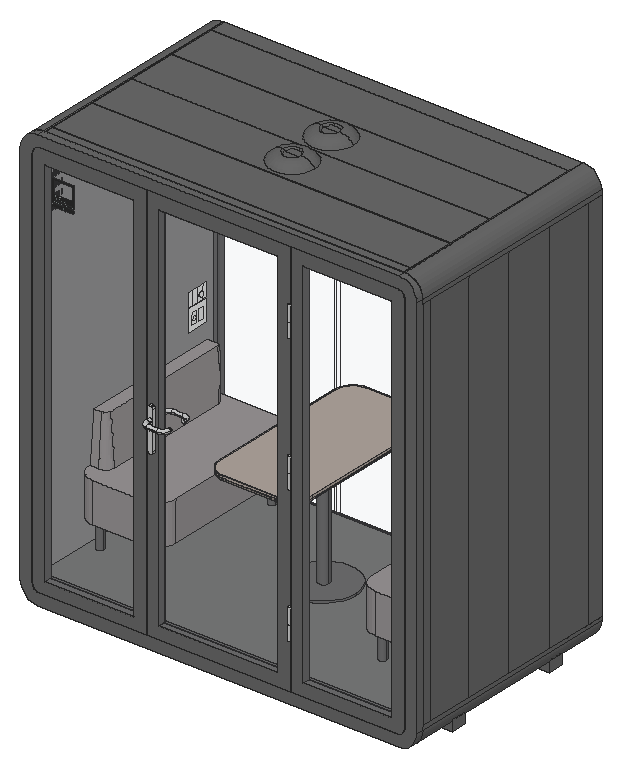
Revit family "MOTTO ML - black", category Entorno, Revit 2023 (continued)
Definition of nested family "Motto ML"
  Dimensions and locks
    Extrusion 61 sketch curve to Extrusion 61 sketch curve = 67 mm
    Extrusion 61 sketch curve to Extrusion 61 sketch curve = 275.173 mm
    Extrusion 62 sketch curve to Extrusion 62 sketch curve = 67 mm
    Extrusion 62 sketch curve to Extrusion 62 sketch curve = 276.319 mm
    Extrusion 86 sketch curve to Extrusion 86 sketch curve = 67 mm
    Extrusion 86 sketch curve to Extrusion 86 sketch curve = 275.173 mm
    Extrusion 88 sketch curve to Extrusion 88 sketch curve = 67 mm
    Extrusion 88 sketch curve to Extrusion 88 sketch curve = 275.173 mm
    Extrusion 89 sketch curve to Extrusion 89 sketch curve = 67 mm
    Extrusion 89 sketch curve to Extrusion 89 sketch curve = 89.363 mm
    Extrusion 90 sketch curve to Extrusion 90 sketch curve = 67 mm
    Extrusion 90 sketch curve to Extrusion 90 sketch curve = 50 mm
    Extrusion 93 sketch curve to Extrusion 93 sketch curve = 67 mm
    Extrusion 93 sketch curve to Extrusion 93 sketch curve = 89.363 mm
    Extrusion 94 sketch curve to Extrusion 94 sketch curve = 67 mm
    Extrusion 94 sketch curve to Extrusion 94 sketch curve = 50 mm
    Extrusion 102 sketch curve to Extrusion 102 sketch curve = 67 mm
    Extrusion 102 sketch curve to Extrusion 102 sketch curve = 275.173 mm
    Extrusion 103 sketch curve to Extrusion 103 sketch curve = 67 mm
    Extrusion 103 sketch curve to Extrusion 103 sketch curve = 275.173 mm
    Extrusion 104 sketch curve to Extrusion 104 sketch curve = 67 mm
    Extrusion 104 sketch curve to Extrusion 104 sketch curve = 276.319 mm
    Extrusion 105 sketch curve to Extrusion 105 sketch curve = 67 mm
    Extrusion 105 sketch curve to Extrusion 105 sketch curve = 275.173 mm
    Extrusion 106 sketch curve to Extrusion 106 sketch curve = 67 mm
    Extrusion 106 sketch curve to Extrusion 106 sketch curve = 275.173 mm
    Extrusion 107 sketch curve to Extrusion 107 sketch curve = 67 mm
    Extrusion 107 sketch curve to Extrusion 107 sketch curve = 276.319 mm
    Extrusion 120 sketch curve to Extrusion 120 sketch curve = 648.057 mm
    Extrusion 120 sketch curve to Extrusion 120 sketch curve = 40 mm
    Extrusion 121 sketch curve to Extrusion 121 sketch curve = 693.885 mm
    Extrusion 121 sketch curve to Extrusion 121 sketch curve = 40 mm
    Extrusion 122 sketch curve to Extrusion 122 sketch curve = 648.057 mm
    Extrusion 122 sketch curve to Extrusion 122 sketch curve = 25 mm
    Extrusion 123 sketch curve to Extrusion 123 sketch curve = 648.057 mm
    Extrusion 123 sketch curve to Extrusion 123 sketch curve = 40 mm
    Extrusion 124 sketch curve to Extrusion 124 sketch curve = 693.885 mm
    Extrusion 124 sketch curve to Extrusion 124 sketch curve = 40 mm
    Extrusion 125 sketch curve to Extrusion 125 sketch curve = 648.057 mm
    Extrusion 125 sketch curve to Extrusion 125 sketch curve = 25 mm
    aligned and locked: level to plane 2
    aligned and locked: Extrusion 80 sketch curve to Extrusion 80 sketch curve
  Automatic sketch dimensions
    Revolve 1 sketch curve to plane 3 "Center (Left/Right)" = 0 mm  (x2)
    plane 6 to Revolve 1 sketch curve = 1.5 mm
    Revolve 1 sketch curve to Revolve 1 sketch curve = 23.534 mm
    Revolve 1 sketch curve to Revolve 1 sketch curve = 19.466 mm  (x2)
    Revolve 1 sketch curve to Revolve 1 sketch curve = 7 mm
    Revolve 1 sketch curve to Revolve 1 sketch curve = 9.41 mm
    Revolve 1 sketch curve to Revolve 1 sketch curve = 80.75 mm
    Revolve 1 sketch curve to Revolve 1 sketch curve = 43.544 mm
    Revolve 1 sketch curve to Revolve 1 sketch curve = 9.466 mm
    Revolve 1 sketch curve to level = 167.545 mm
    Revolve 1 sketch curve to Revolve 1 sketch curve = 81.315 mm
    plane 9 to Extrusion 2 sketch curve = 0 mm
    Extrusion 2 sketch curve to level = 0 mm
    Extrusion 2 sketch curve to plane 6 = 0 mm
    Extrusion 2 sketch curve to plane 5 = 0 mm
    Extrusion 2 sketch curve to plane 9 = 66 mm
    Extrusion 2 sketch curve to Extrusion 2 sketch curve = 34 mm
    plane 12 to Extrusion 2 sketch curve = 81.2 mm
    Extrusion 2 sketch curve to Extrusion 2 sketch curve = 6 mm  (x5)
    plane 10 to Extrusion 2 sketch curve = 106 mm  (x2)
    Extrusion 2 sketch curve to plane 5 = 40 mm
    Extrusion 2 sketch curve to plane 10 = 0 mm
    Extrusion 3 sketch curve to plane 5 = 0 mm
    plane 6 to Extrusion 3 sketch curve = 66 mm
    Extrusion 3 sketch curve to plane 3 "Center (Left/Right)" = 400 mm
    Extrusion 3 sketch curve to Extrusion 3 sketch curve = 69 mm  (x2)
    plane 6 to Extrusion 3 sketch curve = 136.655 mm
    plane 3 "Center (Left/Right)" to Extrusion 3 sketch curve = 331 mm
    Extrusion 3 sketch curve to plane 5 = 67.345 mm
    Extrusion 4 sketch curve to plane 5 = 67.345 mm
    Extrusion 4 sketch curve to plane 3 "Center (Left/Right)" = 330 mm
    plane 3 "Center (Left/Right)" to Extrusion 4 sketch curve = 330 mm
    plane 6 to Extrusion 4 sketch curve = 136.655 mm
    Extrusion 5 sketch curve to plane 3 "Center (Left/Right)" = 381.56 mm
    Extrusion 5 sketch curve to Extrusion 5 sketch curve = 15 mm
    plane 4 to Extrusion 5 sketch curve = 150.525 mm
    Extrusion 5 sketch curve to plane 4 = 59.475 mm
    plane 7 to Sweep 6 sketch curve = 37.231 mm
    Sweep 6 sketch curve to plane 3 "Center (Left/Right)" = 366.56 mm
    Sweep 6 sketch curve to Sweep 6 sketch curve = 30 mm  (x2)
    Sweep 6 sketch curve to Sweep 6 sketch curve = 58.054 mm
    Sweep 6 sketch curve to Sweep 6 sketch curve = 8.98 mm
    plane 7 to Sweep 6 sketch curve = 13 mm
    profile plane to Sweep 6 sketch curve = 0 mm
    Sweep 6 sketch curve to profile plane = 0 mm
    Extrusion 7 sketch curve to plane 5 = 0 mm
    Extrusion 7 sketch curve to plane 9 = 66 mm
    plane 10 to Extrusion 7 sketch curve = 66 mm
    Extrusion 7 sketch curve to Extrusion 7 sketch curve = 67.345 mm
    Sweep 8 sketch curve to plane 9 = 66 mm
    plane 8 to Sweep 8 sketch curve = 40 mm
    Sweep 8 sketch curve to plane 7 = 40 mm
    profile plane to Sweep 8 sketch curve = 0 mm
    Sweep 8 sketch curve to Sweep 8 sketch curve = 10 mm
    profile plane to Sweep 8 sketch curve = 133.345 mm
    Sweep 8 sketch curve to Sweep 8 sketch curve = 2087.397 mm
    Extrusion 9 sketch curve to plane 9 = 66 mm
    plane 10 to Extrusion 9 sketch curve = 66 mm
    plane 6 to Extrusion 9 sketch curve = 132.345 mm
    plane 6 to Extrusion 9 sketch curve = 65 mm
    Extrusion 10 sketch curve to plane 13 = 140.535 mm
    Extrusion 10 sketch curve to plane 3 "Center (Left/Right)" = 254.558 mm
    Extrusion 10 sketch curve to Extrusion 10 sketch curve = 0 mm
    Extrusion 10 sketch curve to Extrusion 10 sketch curve = 70.711 mm  (x5)
    Extrusion 10 sketch curve to Extrusion 10 sketch curve = 218.579 mm  (x2)
    Extrusion 10 sketch curve to Extrusion 10 sketch curve = 564.554 mm  (x2)
    Extrusion 10 sketch curve to Extrusion 10 sketch curve = 71.842 mm  (x6)
    Extrusion 10 sketch curve to Extrusion 10 sketch curve = 216.316 mm  (x2)
    Extrusion 11 sketch curve to plane 9 = 65 mm
    plane 10 to Extrusion 11 sketch curve = 66 mm
    Extrusion 11 sketch curve to plane 5 = 67.345 mm
    Extrusion 11 sketch curve to Extrusion 11 sketch curve = 10 mm
    plane 13 to Extrusion 12 sketch curve = 80.49 mm  (x2)
    Extrusion 12 sketch curve to Extrusion 12 sketch curve = 0 mm  (x39)
    Extrusion 12 sketch curve to Extrusion 12 sketch curve = 7.5 mm  (x20)
    Extrusion 12 sketch curve to Extrusion 12 sketch curve = 5 mm  (x15)
    plane 13 to Extrusion 12 sketch curve = 0.49 mm  (x5)
    Extrusion 12 sketch curve to plane 13 = 7.01 mm  (x5)
    plane 6 to Extrusion 12 sketch curve = 441.768 mm
    Extrusion 12 sketch curve to Extrusion 12 sketch curve = 25 mm  (x5)
    Extrusion 12 sketch curve to Extrusion 12 sketch curve = 30 mm  (x8)
    Extrusion 13 sketch curve to level = 0 mm  (x2)
    Extrusion 13 sketch curve to plane 9 = 9.079 mm
    plane 12 to Extrusion 13 sketch curve = 81.2 mm
    Extrusion 13 sketch curve to level = 6.709 mm  (x2)
    Extrusion 13 sketch curve to Extrusion 13 sketch curve = 36.579 mm
    plane 10 to Extrusion 13 sketch curve = 136.579 mm
    Extrusion 13 sketch curve to plane 5 = 34 mm
    plane 10 to Extrusion 13 sketch curve = 100 mm
    plane 10 to Extrusion 13 sketch curve = 9.079 mm
    plane 5 to Extrusion 13 sketch curve = 7.633 mm
    plane 8 to Sweep 14 sketch curve = 54.775 mm
    Sweep 14 sketch curve to plane 3 "Center (Left/Right)" = 154.558 mm
    Sweep 14 sketch curve to Sweep 14 sketch curve = 0 mm
    Sweep 14 sketch curve to Sweep 14 sketch curve = 70.711 mm  (x11)
    Sweep 14 sketch curve to Sweep 14 sketch curve = 218.579 mm  (x4)
    Sweep 14 sketch curve to Sweep 14 sketch curve = 564.554 mm
    Sweep 14 sketch curve to Sweep 14 sketch curve = 275.265 mm
    profile plane to Sweep 14 sketch curve = 0 mm
    Sweep 14 sketch curve to Sweep 14 sketch curve = 16.25 mm
    Sweep 14 sketch curve to profile plane = 20 mm
    profile plane to Sweep 14 sketch curve = 805.531 mm
    Sweep 14 sketch curve to Sweep 14 sketch curve = 6.25 mm
    Sweep 14 sketch curve to Sweep 14 sketch curve = 20 mm
    Extrusion 15 sketch curve to plane 5 = 0 mm  (x2)
    Extrusion 15 sketch curve to plane 5 = 39.899 mm
    plane 10 to Extrusion 15 sketch curve = 66 mm
    Extrusion 15 sketch curve to Extrusion 15 sketch curve = 40.045 mm
    Extrusion 15 sketch curve to Extrusion 15 sketch curve = 29.955 mm  (x2)
    Extrusion 15 sketch curve to plane 5 = 67.345 mm
    plane 3 "Center (Left/Right)" to Extrusion 15 sketch curve = 470 mm
    Extrusion 15 sketch curve to Extrusion 15 sketch curve = 70 mm  (x2)
    Extrusion 15 sketch curve to plane 3 "Center (Left/Right)" = 400 mm
    plane 12 to Extrusion 15 sketch curve = 45.2 mm
    Extrusion 15 sketch curve to Extrusion 15 sketch curve = 30.101 mm
    Extrusion 15 sketch curve to Extrusion 15 sketch curve = 39.899 mm
    Extrusion 15 sketch curve to Extrusion 15 sketch curve = 27.446 mm
    plane 6 to Extrusion 15 sketch curve = 136.655 mm  (x2)
    Extrusion 15 sketch curve to Extrusion 15 sketch curve = 30.61 mm  (x2)
    Extrusion 16 sketch curve to plane 13 = 198.51 mm
    Extrusion 16 sketch curve to plane 12 = 374.8 mm
    Extrusion 16 sketch curve to plane 13 = 98.51 mm
    Extrusion 16 sketch curve to Extrusion 16 sketch curve = 100 mm
    plane 12 to Extrusion 16 sketch curve = 5.2 mm
    Extrusion 16 sketch curve to plane 9 = 76 mm
    plane 8 to Extrusion 16 sketch curve = 150 mm
    plane 3 "Center (Left/Right)" to Revolve 17 sketch curve = 0 mm  (x2)
    plane 6 to Revolve 17 sketch curve = 1.5 mm
    Revolve 17 sketch curve to plane 3 "Center (Left/Right)" = 23.534 mm
    Revolve 17 sketch curve to Revolve 17 sketch curve = 19.466 mm  (x2)
    Revolve 17 sketch curve to Revolve 17 sketch curve = 7 mm  (x2)
    Revolve 17 sketch curve to Revolve 17 sketch curve = 9.41 mm
    Revolve 17 sketch curve to Revolve 17 sketch curve = 80.75 mm
    Revolve 17 sketch curve to plane 6 = 31.5 mm
    Revolve 17 sketch curve to Revolve 17 sketch curve = 81.315 mm
    Revolve 17 sketch curve to level = 167.545 mm
    Extrusion 18 sketch curve to level = 0 mm  (x2)
    Extrusion 18 sketch curve to plane 9 = 9.079 mm
    plane 12 to Extrusion 18 sketch curve = 81.2 mm
    Extrusion 18 sketch curve to level = 6.709 mm  (x2)
    Extrusion 18 sketch curve to Extrusion 18 sketch curve = 36.579 mm
    plane 10 to Extrusion 18 sketch curve = 136.579 mm
    Extrusion 18 sketch curve to plane 5 = 34 mm
    plane 10 to Extrusion 18 sketch curve = 100 mm
    plane 10 to Extrusion 18 sketch curve = 9.079 mm
    plane 5 to Extrusion 18 sketch curve = 7.633 mm
    Extrusion 19 sketch curve to plane 3 "Center (Left/Right)" = 120 mm
    Extrusion 19 sketch curve to Extrusion 19 sketch curve = 5 mm  (x3)
    plane 14 to Extrusion 19 sketch curve = 29.574 mm
    plane 3 "Center (Left/Right)" to Extrusion 19 sketch curve = 115 mm  (x2)
    plane 1 "Center (Front/Back)" to Extrusion 19 sketch curve = 115 mm
    plane 12 to Extrusion 20 sketch curve = 45.2 mm
    Extrusion 20 sketch curve to plane 5 = 67.345 mm
    Extrusion 20 sketch curve to plane 12 = 448.8 mm
    plane 6 to Extrusion 20 sketch curve = 136.655 mm
    Extrusion 21 sketch curve to plane 5 = 67.345 mm
    plane 10 to Extrusion 21 sketch curve = 136 mm
    plane 3 "Center (Left/Right)" to Extrusion 21 sketch curve = 470 mm
    plane 6 to Extrusion 21 sketch curve = 136.655 mm
    Extrusion 22 sketch curve to plane 9 = 76 mm
    plane 12 to Extrusion 22 sketch curve = 55.2 mm
    Extrusion 22 sketch curve to Extrusion 22 sketch curve = 50 mm
    plane 12 to Extrusion 22 sketch curve = 5.2 mm
    Extrusion 22 sketch curve to plane 13 = 198.51 mm
    plane 8 to Extrusion 22 sketch curve = 134.867 mm
    plane 12 to Sweep 23 sketch curve = 55.2 mm  (x2)
    plane 12 to Sweep 23 sketch curve = 5.2 mm
    Sweep 23 sketch curve to plane 13 = 198.51 mm
    plane 8 to Sweep 23 sketch curve = 100 mm
    Sweep 23 sketch curve to Sweep 23 sketch curve = 50 mm  (x2)
    profile plane to Sweep 23 sketch curve = 0 mm
    Sweep 23 sketch curve to profile plane = 0 mm
    profile plane to Sweep 23 sketch curve = 5.086 mm
    Sweep 23 sketch curve to Sweep 23 sketch curve = 30.086 mm
    Sweep 23 sketch curve to profile plane = 25 mm
    profile plane to Sweep 23 sketch curve = 270 mm
    Extrusion 24 sketch curve to plane 3 "Center (Left/Right)" = 0 mm
    Extrusion 24 sketch curve to plane 14 = 0 mm
    Extrusion 25 sketch curve to plane 3 "Center (Left/Right)" = 0 mm
    Extrusion 25 sketch curve to plane 14 = 0 mm
    Extrusion 26 sketch curve to plane 9 = 76 mm
    Extrusion 26 sketch curve to Extrusion 26 sketch curve = 20 mm  (x4)
    plane 10 to Extrusion 26 sketch curve = 96 mm
    plane 6 to Extrusion 26 sketch curve = 152.345 mm  (x2)
    plane 12 to Extrusion 27 sketch curve = 31.826 mm  (x2)
    Extrusion 27 sketch curve to plane 12 = 301.426 mm  (x2)
    plane 8 to Extrusion 27 sketch curve = 137.169 mm  (x4)
    plane 10 to Extrusion 27 sketch curve = 482.626 mm  (x2)
    Extrusion 27 sketch curve to plane 13 = 181.341 mm  (x4)
    plane 10 to Extrusion 27 sketch curve = 149.374 mm  (x2)
    Extrusion 28 sketch curve to plane 9 = 67 mm
    Extrusion 28 sketch curve to plane 13 = 177.682 mm
    Extrusion 29 sketch curve to level = 0 mm  (x2)
    Extrusion 29 sketch curve to plane 6 = 0 mm  (x2)
    plane 10 to Extrusion 29 sketch curve = 0 mm  (x2)
    plane 10 to Extrusion 29 sketch curve = 65 mm  (x2)
    plane 10 to Extrusion 29 sketch curve = 100 mm  (x2)
    Extrusion 29 sketch curve to Extrusion 29 sketch curve = 5 mm  (x5)
    plane 5 to Extrusion 29 sketch curve = 1 mm
    Extrusion 29 sketch curve to plane 5 = 39 mm
    plane 12 to Extrusion 29 sketch curve = 76.2 mm  (x2)
    Extrusion 29 sketch curve to Extrusion 29 sketch curve = 35 mm  (x2)
    plane 9 to Extrusion 29 sketch curve = 0 mm  (x2)
    Extrusion 29 sketch curve to Extrusion 29 sketch curve = 22.408 mm  (x3)
    Extrusion 29 sketch curve to Extrusion 29 sketch curve = 17.408 mm  (x2)
    plane 10 to Extrusion 30 sketch curve = 67 mm
    Extrusion 30 sketch curve to plane 7 = 90 mm
    plane 8 to Extrusion 31 sketch curve = 0 mm
    Extrusion 31 sketch curve to plane 9 = 67 mm
    Extrusion 32 sketch curve to plane 9 = 67 mm
    Extrusion 32 sketch curve to plane 7 = 90 mm
    plane 12 to Extrusion 33 sketch curve = 76.2 mm
    plane 10 to Extrusion 33 sketch curve = 105 mm
    Extrusion 33 sketch curve to plane 7 = 89.618 mm
    Extrusion 33 sketch curve to plane 13 = 177.682 mm
    plane 8 to Extrusion 34 sketch curve = 0 mm
    plane 12 to Extrusion 34 sketch curve = 76.2 mm
    plane 10 to Extrusion 34 sketch curve = 105 mm
    Extrusion 34 sketch curve to Extrusion 34 sketch curve = 89.745 mm
    plane 8 to Extrusion 35 sketch curve = 0 mm
    Extrusion 35 sketch curve to plane 10 = 0 mm
    Extrusion 36 sketch curve to plane 10 = 0 mm
    Extrusion 36 sketch curve to plane 7 = 40 mm
    Sweep 37 sketch curve to plane 3 "Center (Left/Right)" = 254.558 mm
    Sweep 37 sketch curve to Sweep 37 sketch curve = 100 mm  (x3)
    Sweep 37 sketch curve to plane 13 = 40.535 mm
    plane 3 "Center (Left/Right)" to Sweep 37 sketch curve = 154.558 mm  (x2)
    plane 8 to Sweep 37 sketch curve = 153.524 mm
    Sweep 37 sketch curve to Sweep 37 sketch curve = 0 mm  (x2)
    profile plane to Sweep 37 sketch curve = 0 mm
    profile plane to Sweep 37 sketch curve = 2 mm
    Sweep 37 sketch curve to profile plane = 13.125 mm
    Sweep 37 sketch curve to Sweep 37 sketch curve = 20 mm
    profile plane to Sweep 37 sketch curve = 810.883 mm
    Sweep 37 sketch curve to Sweep 37 sketch curve = 11.219 mm
    plane 8 to Extrusion 38 sketch curve = 0 mm
    plane 10 to Extrusion 38 sketch curve = 105 mm
    plane 8 to Extrusion 39 sketch curve = 0 mm
    plane 3 "Center (Left/Right)" to Extrusion 39 sketch curve = 346.943 mm
    plane 8 to Extrusion 40 sketch curve = 0 mm
    Extrusion 40 sketch curve to plane 3 "Center (Left/Right)" = 346.943 mm
    Extrusion 41 sketch curve to plane 5 = 0 mm
    Extrusion 41 sketch curve to plane 9 = 65 mm
    Extrusion 41 sketch curve to Extrusion 41 sketch curve = 31.112 mm
    Extrusion 41 sketch curve to Extrusion 41 sketch curve = 40 mm  (x2)
    Extrusion 41 sketch curve to Extrusion 41 sketch curve = 0 mm  (x3)
    plane 10 to Extrusion 41 sketch curve = 105 mm
    Extrusion 41 sketch curve to Extrusion 41 sketch curve = 8.888 mm
    Extrusion 41 sketch curve to plane 5 = 39 mm
    Extrusion 41 sketch curve to Extrusion 41 sketch curve = 17.408 mm  (x2)
    plane 6 to Extrusion 41 sketch curve = 122.408 mm
    plane 8 to Extrusion 42 sketch curve = 0 mm
    plane 8 to Extrusion 42 sketch curve = 89.745 mm
    plane 12 to Extrusion 42 sketch curve = 76.2 mm
    plane 10 to Extrusion 42 sketch curve = 105 mm
    Extrusion 43 sketch curve to plane 7 = 89.618 mm
    Extrusion 43 sketch curve to plane 7 = 40 mm
    plane 12 to Extrusion 43 sketch curve = 76.2 mm
    plane 10 to Extrusion 43 sketch curve = 105 mm
    plane 7 to Extrusion 44 sketch curve = 8 mm
    plane 3 "Center (Left/Right)" to Extrusion 44 sketch curve = 400 mm
    plane 7 to Extrusion 45 sketch curve = 8 mm
    plane 3 "Center (Left/Right)" to Extrusion 45 sketch curve = 400 mm
    plane 7 to Extrusion 46 sketch curve = 8 mm
    plane 3 "Center (Left/Right)" to Extrusion 46 sketch curve = 400 mm
    plane 7 to Extrusion 47 sketch curve = 8 mm
    plane 3 "Center (Left/Right)" to Extrusion 47 sketch curve = 400 mm
    plane 7 to Extrusion 48 sketch curve = 8 mm
    plane 3 "Center (Left/Right)" to Extrusion 48 sketch curve = 400 mm
    plane 7 to Extrusion 49 sketch curve = 8 mm
    plane 3 "Center (Left/Right)" to Extrusion 49 sketch curve = 400 mm
    Extrusion 50 sketch curve to Extrusion 50 sketch curve = 0 mm  (x8)
    plane 14 to Extrusion 50 sketch curve = 24.574 mm
    Extrusion 50 sketch curve to plane 3 "Center (Left/Right)" = 125 mm
    Extrusion 50 sketch curve to Extrusion 50 sketch curve = 5 mm  (x4)
    plane 3 "Center (Left/Right)" to Extrusion 50 sketch curve = 115 mm  (x2)
    plane 1 "Center (Front/Back)" to Extrusion 50 sketch curve = 115 mm
    plane 14 to Extrusion 51 sketch curve = 8.288 mm  (x7)
    plane 10 to Extrusion 51 sketch curve = 446.754 mm
    Extrusion 51 sketch curve to Extrusion 51 sketch curve = 0 mm  (x158)
    Extrusion 51 sketch curve to Extrusion 51 sketch curve = 25 mm  (x26)
    plane 14 to Extrusion 51 sketch curve = 0.788 mm  (x10)
    Extrusion 51 sketch curve to Extrusion 51 sketch curve = 30 mm  (x24)
    plane 14 to Extrusion 51 sketch curve = 13.288 mm  (x2)
    plane 1 "Center (Front/Back)" to Extrusion 51 sketch curve = 76.286 mm
    Extrusion 51 sketch curve to plane 3 "Center (Left/Right)" = 408.067 mm
    plane 14 to Extrusion 51 sketch curve = 80.788 mm
    Extrusion 51 sketch curve to plane 14 = 6.712 mm  (x2)
    Extrusion 51 sketch curve to Extrusion 51 sketch curve = 72.5 mm  (x2)
    Extrusion 51 sketch curve to Extrusion 51 sketch curve = 7.5 mm  (x89)
    Extrusion 51 sketch curve to Extrusion 51 sketch curve = 87.5 mm
    Extrusion 51 sketch curve to Extrusion 51 sketch curve = 5 mm  (x71)
    plane 1 "Center (Front/Back)" to Extrusion 51 sketch curve = 61.286 mm  (x3)
    Extrusion 51 sketch curve to Extrusion 51 sketch curve = 15 mm
    Extrusion 52 sketch curve to Extrusion 52 sketch curve = 0 mm  (x3)
    plane 4 to Extrusion 52 sketch curve = 36.176 mm
    Extrusion 52 sketch curve to plane 3 "Center (Left/Right)" = 371.178 mm
    Extrusion 52 sketch curve to Extrusion 52 sketch curve = 4.5 mm  (x2)
    Extrusion 52 sketch curve to Extrusion 52 sketch curve = 2.434 mm
    Extrusion 52 sketch curve to Extrusion 52 sketch curve = 0.008 mm
    Extrusion 52 sketch curve to Extrusion 52 sketch curve = 12.789 mm
    Extrusion 52 sketch curve to Extrusion 52 sketch curve = 6.211 mm
    Extrusion 52 sketch curve to Extrusion 52 sketch curve = 1.001 mm
    plane 12 to Extrusion 53 sketch curve = 76.2 mm
    Extrusion 53 sketch curve to plane 7 = 40 mm
    plane 10 to Extrusion 53 sketch curve = 105 mm
    Extrusion 53 sketch curve to Extrusion 53 sketch curve = 49.745 mm
    Extrusion 54 sketch curve to plane 1 "Center (Front/Back)" = 0.127 mm
    plane 12 to Extrusion 54 sketch curve = 76.2 mm
    plane 10 to Extrusion 54 sketch curve = 105 mm
    Extrusion 54 sketch curve to plane 13 = 177.682 mm
    plane 12 to Extrusion 55 sketch curve = 76.2 mm
    Extrusion 55 sketch curve to plane 1 "Center (Front/Back)" = 0.127 mm
    plane 10 to Extrusion 55 sketch curve = 105 mm
    plane 14 to Extrusion 55 sketch curve = 185.256 mm
    plane 12 to Extrusion 56 sketch curve = 76.2 mm
    plane 10 to Extrusion 56 sketch curve = 105 mm
    plane 14 to Extrusion 56 sketch curve = 185.256 mm
    plane 8 to Extrusion 56 sketch curve = 89.363 mm
    Extrusion 57 sketch curve to plane 9 = 67 mm
    plane 1 "Center (Front/Back)" to Extrusion 57 sketch curve = 0.255 mm
    plane 1 "Center (Front/Back)" to Extrusion 58 sketch curve = 0.255 mm
    Extrusion 58 sketch curve to plane 9 = 67 mm
    Extrusion 59 sketch curve to plane 9 = 67 mm
    plane 8 to Extrusion 59 sketch curve = 89.363 mm
    plane 10 to Extrusion 60 sketch curve = 67 mm
    Extrusion 60 sketch curve to plane 13 = 177.682 mm
    plane 1 "Center (Front/Back)" to Extrusion 61 sketch curve = 0.255 mm
    plane 10 to Extrusion 61 sketch curve = 67 mm
    plane 10 to Extrusion 62 sketch curve = 67 mm
    plane 14 to Extrusion 62 sketch curve = 184.492 mm
    Extrusion 63 sketch curve to plane 13 = 198.51 mm
    plane 3 "Center (Left/Right)" to Extrusion 63 sketch curve = 544 mm
    Extrusion 63 sketch curve to plane 13 = 98.51 mm
    Extrusion 63 sketch curve to Extrusion 63 sketch curve = 100 mm
    plane 10 to Extrusion 63 sketch curve = 176 mm
    plane 10 to Extrusion 63 sketch curve = 76 mm
    plane 8 to Extrusion 63 sketch curve = 150 mm
    plane 10 to Extrusion 64 sketch curve = 76 mm
    Extrusion 64 sketch curve to Extrusion 64 sketch curve = 50 mm  (x3)
    plane 8 to Extrusion 64 sketch curve = 84.867 mm
    plane 1 "Center (Front/Back)" to Extrusion 64 sketch curve = 204.6 mm
    plane 10 to Sweep 65 sketch curve = 126 mm  (x2)
    Sweep 65 sketch curve to Sweep 65 sketch curve = 50 mm  (x3)
    plane 8 to Sweep 65 sketch curve = 50 mm
    plane 1 "Center (Front/Back)" to Sweep 65 sketch curve = 204.6 mm
    Sweep 65 sketch curve to profile plane = 0 mm
    profile plane to Sweep 65 sketch curve = 0 mm
    profile plane to Sweep 65 sketch curve = 25 mm
    Sweep 65 sketch curve to profile plane = 5.086 mm
    Sweep 65 sketch curve to profile plane = 30.086 mm
    profile plane to Sweep 65 sketch curve = 270 mm
    plane 3 "Center (Left/Right)" to Extrusion 66 sketch curve = 130.41 mm
    plane 8 to Extrusion 66 sketch curve = 226.411 mm
    Extrusion 67 sketch curve to Extrusion 67 sketch curve = 0 mm  (x2)
    plane 13 to Extrusion 67 sketch curve = 0 mm
    Revolve 68 sketch curve to plane 13 = 0 mm  (x2)
    Revolve 68 sketch curve to Revolve 68 sketch curve = 19 mm
    Revolve 68 sketch curve to Revolve 68 sketch curve = 20 mm
    Revolve 68 sketch curve to Revolve 68 sketch curve = 4 mm
    plane 12 to Extrusion 69 sketch curve = 76.2 mm
    plane 10 to Extrusion 69 sketch curve = 105 mm
    Extrusion 69 sketch curve to plane 7 = 89.618 mm
    Extrusion 69 sketch curve to plane 13 = 177.682 mm
    plane 8 to Extrusion 70 sketch curve = 0 mm
    plane 12 to Extrusion 70 sketch curve = 76.2 mm
    plane 10 to Extrusion 70 sketch curve = 105 mm
    Extrusion 70 sketch curve to Extrusion 70 sketch curve = 89.745 mm
    plane 12 to Extrusion 71 sketch curve = 76.2 mm
    Extrusion 71 sketch curve to plane 7 = 40 mm
    plane 10 to Extrusion 71 sketch curve = 105 mm
    Extrusion 71 sketch curve to Extrusion 71 sketch curve = 49.745 mm
    Extrusion 72 sketch curve to plane 1 "Center (Front/Back)" = 0.127 mm
    plane 12 to Extrusion 72 sketch curve = 76.2 mm
    plane 10 to Extrusion 72 sketch curve = 105 mm
    Extrusion 72 sketch curve to plane 13 = 177.682 mm
    plane 12 to Extrusion 73 sketch curve = 76.2 mm
    Extrusion 73 sketch curve to plane 1 "Center (Front/Back)" = 0.127 mm
    plane 10 to Extrusion 73 sketch curve = 105 mm
    plane 14 to Extrusion 73 sketch curve = 185.256 mm
    plane 12 to Extrusion 74 sketch curve = 76.2 mm
    plane 10 to Extrusion 74 sketch curve = 105 mm
    plane 14 to Extrusion 74 sketch curve = 185.256 mm
    plane 8 to Extrusion 74 sketch curve = 89.363 mm
    Extrusion 75 sketch curve to Extrusion 75 sketch curve = 0 mm  (x20)
    plane 8 to Extrusion 75 sketch curve = 214.318 mm
    Extrusion 75 sketch curve to Extrusion 75 sketch curve = 20 mm  (x2)
    Extrusion 75 sketch curve to Extrusion 75 sketch curve = 2 mm  (x3)
    Extrusion 75 sketch curve to Extrusion 75 sketch curve = 37 mm  (x2)
    Extrusion 75 sketch curve to Extrusion 75 sketch curve = 2.115 mm
    Extrusion 75 sketch curve to Extrusion 75 sketch curve = 14.26 mm  (x2)
    plane 4 to Extrusion 75 sketch curve = 142.566 mm
    Extrusion 75 sketch curve to Extrusion 75 sketch curve = 36.375 mm
    Extrusion 75 sketch curve to Extrusion 75 sketch curve = 37.625 mm  (x2)
    Extrusion 75 sketch curve to Extrusion 75 sketch curve = 0.5 mm
    Extrusion 76 sketch curve to Extrusion 76 sketch curve = 0 mm  (x2)
    plane 8 to Extrusion 76 sketch curve = 136.943 mm
    plane 4 to Extrusion 76 sketch curve = 106.191 mm
    Extrusion 76 sketch curve to Extrusion 76 sketch curve = 10 mm
    Extrusion 77 sketch curve to Extrusion 77 sketch curve = 0 mm  (x3)
    plane 8 to Extrusion 77 sketch curve = 212.111 mm
    Extrusion 77 sketch curve to Extrusion 77 sketch curve = 20 mm  (x2)
    Extrusion 77 sketch curve to Extrusion 77 sketch curve = 2 mm  (x8)
    Extrusion 77 sketch curve to Extrusion 77 sketch curve = 14 mm
    Extrusion 77 sketch curve to Extrusion 77 sketch curve = 28 mm
    Extrusion 77 sketch curve to Extrusion 77 sketch curve = 12 mm
    Extrusion 77 sketch curve to Extrusion 77 sketch curve = 2.085 mm
    Extrusion 77 sketch curve to Extrusion 77 sketch curve = 4.375 mm  (x2)
    Extrusion 77 sketch curve to Extrusion 77 sketch curve = 5 mm  (x2)
    Extrusion 77 sketch curve to Extrusion 77 sketch curve = 2.173 mm  (x4)
    Extrusion 77 sketch curve to Extrusion 77 sketch curve = 2.606 mm  (x3)
    Extrusion 77 sketch curve to Extrusion 77 sketch curve = 4.154 mm
    Extrusion 77 sketch curve to Extrusion 77 sketch curve = 5.588 mm
    Extrusion 77 sketch curve to Extrusion 77 sketch curve = 2.5 mm  (x2)
    Extrusion 77 sketch curve to Extrusion 77 sketch curve = 1.087 mm
    Extrusion 77 sketch curve to Extrusion 77 sketch curve = 1.548 mm
    Extrusion 77 sketch curve to Extrusion 77 sketch curve = 6.982 mm
    plane 4 to Extrusion 77 sketch curve = 267.034 mm
    Extrusion 77 sketch curve to Extrusion 77 sketch curve = 26 mm  (x2)
    Extrusion 77 sketch curve to Extrusion 77 sketch curve = 1.76 mm
    Extrusion 77 sketch curve to Extrusion 77 sketch curve = 2.296 mm  (x2)
    Extrusion 77 sketch curve to Extrusion 77 sketch curve = 4.344 mm  (x2)
    Extrusion 77 sketch curve to Extrusion 77 sketch curve = 5.344 mm  (x2)
    Extrusion 77 sketch curve to Extrusion 77 sketch curve = 7 mm  (x2)
    Extrusion 77 sketch curve to Extrusion 77 sketch curve = 9 mm  (x2)
    Extrusion 77 sketch curve to Extrusion 77 sketch curve = 6.95 mm
    Extrusion 77 sketch curve to Extrusion 77 sketch curve = 5.95 mm
    Extrusion 77 sketch curve to Extrusion 77 sketch curve = 3.309 mm
    Extrusion 77 sketch curve to Extrusion 77 sketch curve = 6.651 mm
    Extrusion 77 sketch curve to Extrusion 77 sketch curve = 4.767 mm
    Extrusion 77 sketch curve to Extrusion 77 sketch curve = 3.923 mm  (x2)
    Extrusion 77 sketch curve to Extrusion 77 sketch curve = 4.207 mm
    Extrusion 77 sketch curve to Extrusion 77 sketch curve = 30 mm
    Extrusion 77 sketch curve to Extrusion 77 sketch curve = 4.804 mm
    Extrusion 78 sketch curve to Extrusion 78 sketch curve = 0 mm  (x12)
    plane 8 to Extrusion 78 sketch curve = 188.816 mm
    Extrusion 78 sketch curve to Extrusion 78 sketch curve = 2.321 mm
    Extrusion 78 sketch curve to Extrusion 78 sketch curve = 2.462 mm
    Extrusion 78 sketch curve to plane 5 = 128.058 mm
    Extrusion 78 sketch curve to Extrusion 78 sketch curve = 0.249 mm
    Extrusion 78 sketch curve to Extrusion 78 sketch curve = 1 mm  (x9)
    Extrusion 78 sketch curve to Extrusion 78 sketch curve = 0.066 mm
    Extrusion 78 sketch curve to Extrusion 78 sketch curve = 0.657 mm
    Extrusion 78 sketch curve to Extrusion 78 sketch curve = 0.934 mm
    Extrusion 78 sketch curve to Extrusion 78 sketch curve = 5.406 mm
    Extrusion 78 sketch curve to Extrusion 78 sketch curve = 7.382 mm
    Extrusion 78 sketch curve to Extrusion 78 sketch curve = 5.539 mm
    Extrusion 78 sketch curve to Extrusion 78 sketch curve = 5.544 mm
    Extrusion 78 sketch curve to Extrusion 78 sketch curve = 11.358 mm  (x2)
    Extrusion 78 sketch curve to Extrusion 78 sketch curve = 11.629 mm
    Extrusion 78 sketch curve to Extrusion 78 sketch curve = 11.639 mm
    Extrusion 78 sketch curve to Extrusion 78 sketch curve = 5.825 mm
    Extrusion 78 sketch curve to Extrusion 78 sketch curve = 1.173 mm  (x2)
    Extrusion 78 sketch curve to Extrusion 78 sketch curve = 2.436 mm  (x2)
    Extrusion 78 sketch curve to Extrusion 78 sketch curve = 4.422 mm
    Extrusion 78 sketch curve to Extrusion 78 sketch curve = 0.578 mm  (x2)
    Extrusion 78 sketch curve to Extrusion 78 sketch curve = 1.93 mm  (x2)
    Extrusion 78 sketch curve to Extrusion 78 sketch curve = 0.414 mm  (x4)
    Extrusion 78 sketch curve to Extrusion 78 sketch curve = 3.706 mm
    Extrusion 78 sketch curve to Extrusion 78 sketch curve = 3.169 mm
    Extrusion 78 sketch curve to Extrusion 78 sketch curve = 3.023 mm  (x2)
    Extrusion 78 sketch curve to Extrusion 78 sketch curve = 0.156 mm
    Extrusion 78 sketch curve to Extrusion 78 sketch curve = 0.748 mm
    Extrusion 78 sketch curve to Extrusion 78 sketch curve = 1.565 mm
    Extrusion 78 sketch curve to Extrusion 78 sketch curve = 1.955 mm
    Extrusion 78 sketch curve to Extrusion 78 sketch curve = 2.276 mm
    Extrusion 78 sketch curve to Extrusion 78 sketch curve = 11.908 mm
    Extrusion 78 sketch curve to Extrusion 78 sketch curve = 8.038 mm
    Extrusion 78 sketch curve to Extrusion 78 sketch curve = 0.842 mm
    Extrusion 78 sketch curve to Extrusion 78 sketch curve = 0.375 mm  (x2)
    Extrusion 78 sketch curve to Extrusion 78 sketch curve = 3.297 mm
    Extrusion 78 sketch curve to Extrusion 78 sketch curve = 4.128 mm
    Extrusion 78 sketch curve to Extrusion 78 sketch curve = 1.987 mm
    Extrusion 78 sketch curve to Extrusion 78 sketch curve = 1.889 mm  (x2)
    Extrusion 78 sketch curve to Extrusion 78 sketch curve = 1.797 mm  (x3)
    Extrusion 78 sketch curve to Extrusion 78 sketch curve = 6.141 mm
    Extrusion 78 sketch curve to Extrusion 78 sketch curve = 4.462 mm
    Extrusion 78 sketch curve to Extrusion 78 sketch curve = 6.229 mm
    Extrusion 78 sketch curve to Extrusion 78 sketch curve = 2.94 mm
    Extrusion 78 sketch curve to Extrusion 78 sketch curve = 0.316 mm
    Extrusion 78 sketch curve to Extrusion 78 sketch curve = 0.241 mm  (x2)
    Extrusion 78 sketch curve to Extrusion 78 sketch curve = 12.049 mm
    Extrusion 79 sketch curve to Extrusion 79 sketch curve = 0 mm  (x2)
    plane 8 to Extrusion 79 sketch curve = 172.42 mm
    Extrusion 79 sketch curve to Extrusion 79 sketch curve = 3.965 mm
    Extrusion 79 sketch curve to Extrusion 79 sketch curve = 4 mm  (x2)
    Extrusion 79 sketch curve to Extrusion 79 sketch curve = 2.046 mm
    Extrusion 79 sketch curve to Extrusion 79 sketch curve = 0.5 mm  (x12)
    Extrusion 79 sketch curve to Extrusion 79 sketch curve = 2.736 mm  (x2)
    Extrusion 79 sketch curve to Extrusion 79 sketch curve = 1.621 mm
    Extrusion 79 sketch curve to Extrusion 79 sketch curve = 4.7 mm
    Extrusion 79 sketch curve to Extrusion 79 sketch curve = 5.159 mm
    Extrusion 79 sketch curve to Extrusion 79 sketch curve = 2.121 mm
    Extrusion 79 sketch curve to Extrusion 79 sketch curve = 2.081 mm
    Extrusion 79 sketch curve to Extrusion 79 sketch curve = 4.817 mm
    Extrusion 79 sketch curve to plane 5 = 172.133 mm
    Extrusion 79 sketch curve to Extrusion 79 sketch curve = 6.721 mm
    Extrusion 79 sketch curve to Extrusion 79 sketch curve = 5.672 mm
    Extrusion 79 sketch curve to Extrusion 79 sketch curve = 2.427 mm  (x2)
    Extrusion 79 sketch curve to Extrusion 79 sketch curve = 1.963 mm
    Extrusion 79 sketch curve to Extrusion 79 sketch curve = 2.463 mm
    Extrusion 79 sketch curve to Extrusion 79 sketch curve = 0.968 mm
    Extrusion 79 sketch curve to Extrusion 79 sketch curve = 7.468 mm
    Extrusion 80 sketch curve to Extrusion 20 = 49.991 mm
    Extrusion 80 sketch curve to Extrusion 80 sketch curve = 0.009 mm  (x11)
    Extrusion 80 sketch curve to Extrusion 80 sketch curve = 1.145 mm  (x2)
    Extrusion 80 sketch curve to Extrusion 80 sketch curve = 1.265 mm  (x6)
    Extrusion 80 sketch curve to Extrusion 80 sketch curve = 2.456 mm
    Extrusion 80 sketch curve to Extrusion 80 sketch curve = 1.669 mm  (x5)
    Extrusion 80 sketch curve to Extrusion 80 sketch curve = 1.094 mm  (x3)
    Extrusion 80 sketch curve to Extrusion 80 sketch curve = 3.194 mm
    Extrusion 80 sketch curve to Extrusion 80 sketch curve = 3.721 mm
    Extrusion 80 sketch curve to Extrusion 80 sketch curve = 0.809 mm
    Extrusion 80 sketch curve to Extrusion 80 sketch curve = 1.077 mm  (x3)
    Extrusion 80 sketch curve to Extrusion 80 sketch curve = 1.33 mm  (x11)
    Extrusion 80 sketch curve to Extrusion 80 sketch curve = 1.123 mm
    Extrusion 80 sketch curve to Extrusion 80 sketch curve = 0.05 mm
    Extrusion 80 sketch curve to Extrusion 80 sketch curve = 3.222 mm
    Extrusion 80 sketch curve to Extrusion 80 sketch curve = 1.294 mm
    Extrusion 80 sketch curve to Extrusion 80 sketch curve = 1.913 mm
    Extrusion 80 sketch curve to Extrusion 80 sketch curve = 0.536 mm
    Extrusion 80 sketch curve to Extrusion 80 sketch curve = 5.995 mm
    Extrusion 80 sketch curve to Extrusion 80 sketch curve = 1.132 mm
    Extrusion 80 sketch curve to Extrusion 80 sketch curve = 5.097 mm
    Extrusion 80 sketch curve to Extrusion 80 sketch curve = 2.2 mm  (x2)
    Extrusion 80 sketch curve to Extrusion 80 sketch curve = 0.669 mm
    Extrusion 80 sketch curve to Extrusion 80 sketch curve = 1.507 mm
    Extrusion 80 sketch curve to Extrusion 80 sketch curve = 1.337 mm
    Extrusion 80 sketch curve to Extrusion 80 sketch curve = 2.362 mm
    Extrusion 80 sketch curve to Extrusion 80 sketch curve = 2.682 mm
    Extrusion 80 sketch curve to Extrusion 80 sketch curve = 1.663 mm
    Extrusion 80 sketch curve to Extrusion 80 sketch curve = 1.136 mm
    Extrusion 80 sketch curve to Extrusion 80 sketch curve = 1.18 mm
    Extrusion 80 sketch curve to Extrusion 80 sketch curve = 2.518 mm
    Extrusion 80 sketch curve to Extrusion 80 sketch curve = 4.6 mm
    Extrusion 80 sketch curve to Extrusion 80 sketch curve = 0 mm  (x49)
    Extrusion 80 sketch curve to Extrusion 80 sketch curve = 0.266 mm
    Extrusion 80 sketch curve to Extrusion 80 sketch curve = 1.251 mm  (x2)
    Extrusion 80 sketch curve to Extrusion 80 sketch curve = 0.092 mm  (x2)
    Extrusion 80 sketch curve to Extrusion 80 sketch curve = 0.617 mm
    Extrusion 80 sketch curve to Extrusion 80 sketch curve = 4.974 mm
    Extrusion 80 sketch curve to Extrusion 80 sketch curve = 1.218 mm
    Extrusion 80 sketch curve to Extrusion 80 sketch curve = 0.048 mm
    Extrusion 80 sketch curve to Extrusion 80 sketch curve = 1.484 mm
    Extrusion 80 sketch curve to Extrusion 80 sketch curve = 1.02 mm
    Extrusion 80 sketch curve to Extrusion 80 sketch curve = 0.758 mm
    Extrusion 80 sketch curve to Extrusion 80 sketch curve = 7.971 mm
    Extrusion 80 sketch curve to Extrusion 80 sketch curve = 1.66 mm
    Extrusion 80 sketch curve to Extrusion 80 sketch curve = 2.095 mm  (x8)
    Extrusion 80 sketch curve to Extrusion 80 sketch curve = 0.12 mm  (x3)
    Extrusion 80 sketch curve to Extrusion 80 sketch curve = 3.531 mm
    Extrusion 80 sketch curve to Extrusion 80 sketch curve = 8.063 mm
    Extrusion 80 sketch curve to Extrusion 80 sketch curve = 0.664 mm
    Extrusion 80 sketch curve to Extrusion 80 sketch curve = 0.708 mm
    Extrusion 80 sketch curve to Extrusion 80 sketch curve = 2.688 mm  (x4)
    Extrusion 80 sketch curve to Extrusion 80 sketch curve = 1.078 mm
    Extrusion 80 sketch curve to Extrusion 80 sketch curve = 1.763 mm
    Extrusion 80 sketch curve to Extrusion 80 sketch curve = 0.007 mm
    Extrusion 80 sketch curve to Extrusion 80 sketch curve = 0.26 mm
    Extrusion 80 sketch curve to Extrusion 80 sketch curve = 0.487 mm
    Extrusion 80 sketch curve to Extrusion 80 sketch curve = 0.917 mm
    Extrusion 80 sketch curve to Extrusion 80 sketch curve = 14.847 mm
    Extrusion 80 sketch curve to Extrusion 80 sketch curve = 2.544 mm
    Extrusion 80 sketch curve to Extrusion 80 sketch curve = 1.048 mm
    Extrusion 80 sketch curve to Extrusion 80 sketch curve = 2.304 mm  (x4)
    Extrusion 80 sketch curve to Extrusion 80 sketch curve = 4.746 mm  (x2)
    Extrusion 80 sketch curve to Extrusion 80 sketch curve = 6.952 mm
    Extrusion 80 sketch curve to Extrusion 80 sketch curve = 2.763 mm
    Extrusion 80 sketch curve to Extrusion 80 sketch curve = 3.745 mm  (x2)
    Extrusion 80 sketch curve to Extrusion 80 sketch curve = 3.267 mm
    Extrusion 80 sketch curve to Extrusion 80 sketch curve = 3.424 mm
    Extrusion 80 sketch curve to Extrusion 80 sketch curve = 1.128 mm
    Extrusion 80 sketch curve to Extrusion 80 sketch curve = 2.922 mm
    Extrusion 80 sketch curve to Extrusion 80 sketch curve = 3.105 mm
    Extrusion 80 sketch curve to Extrusion 80 sketch curve = 3.558 mm
    Extrusion 80 sketch curve to Extrusion 80 sketch curve = 3.308 mm
    Extrusion 80 sketch curve to Extrusion 80 sketch curve = 9.945 mm
    Extrusion 80 sketch curve to Extrusion 80 sketch curve = 2.923 mm
    Extrusion 80 sketch curve to Extrusion 80 sketch curve = 6.899 mm
    Extrusion 80 sketch curve to Extrusion 80 sketch curve = 1.653 mm  (x2)
    Extrusion 80 sketch curve to Extrusion 80 sketch curve = 1.401 mm  (x2)
    Extrusion 80 sketch curve to Extrusion 80 sketch curve = 3.054 mm  (x2)
    Extrusion 80 sketch curve to Extrusion 80 sketch curve = 1.608 mm
    Extrusion 80 sketch curve to Extrusion 80 sketch curve = 2.295 mm
    Extrusion 80 sketch curve to Extrusion 80 sketch curve = 1.504 mm  (x3)
    Extrusion 80 sketch curve to Extrusion 80 sketch curve = 1.404 mm  (x2)
    Extrusion 80 sketch curve to Extrusion 80 sketch curve = 1.018 mm  (x3)
    Extrusion 80 sketch curve to Extrusion 80 sketch curve = 2.436 mm  (x2)
    Extrusion 80 sketch curve to Extrusion 80 sketch curve = 7.951 mm
    Extrusion 80 sketch curve to Extrusion 80 sketch curve = 1.886 mm  (x2)
    Extrusion 80 sketch curve to Extrusion 80 sketch curve = 1.906 mm  (x3)
    Extrusion 80 sketch curve to Extrusion 80 sketch curve = 1.543 mm
    Extrusion 80 sketch curve to Extrusion 80 sketch curve = 1.541 mm  (x2)
    Extrusion 80 sketch curve to Extrusion 80 sketch curve = 1.627 mm
    Extrusion 80 sketch curve to Extrusion 80 sketch curve = 0.408 mm
    Extrusion 80 sketch curve to Extrusion 80 sketch curve = 2.036 mm
    Extrusion 80 sketch curve to Extrusion 80 sketch curve = 0.595 mm
    Extrusion 80 sketch curve to Extrusion 80 sketch curve = 1.332 mm  (x2)
    Extrusion 80 sketch curve to Extrusion 80 sketch curve = 2.058 mm
    Extrusion 80 sketch curve to Extrusion 80 sketch curve = 0.358 mm  (x2)
    Extrusion 80 sketch curve to Extrusion 80 sketch curve = 0.228 mm  (x2)
    Extrusion 80 sketch curve to Extrusion 80 sketch curve = 1.125 mm
    Extrusion 80 sketch curve to Extrusion 80 sketch curve = 0.723 mm
    Extrusion 80 sketch curve to Extrusion 80 sketch curve = 23.459 mm
    Extrusion 80 sketch curve to Extrusion 80 sketch curve = 2.659 mm
    Extrusion 80 sketch curve to Extrusion 80 sketch curve = 22.565 mm
    Extrusion 80 sketch curve to Extrusion 20 = 188.395 mm
    Extrusion 80 sketch curve to Extrusion 80 sketch curve = 0.586 mm
    Extrusion 80 sketch curve to Extrusion 80 sketch curve = 0.668 mm
    Extrusion 80 sketch curve to Extrusion 80 sketch curve = 0.525 mm
    Extrusion 80 sketch curve to Extrusion 80 sketch curve = 1.012 mm
    Extrusion 80 sketch curve to Extrusion 80 sketch curve = 1.87 mm
    Extrusion 80 sketch curve to Extrusion 80 sketch curve = 0.667 mm
    Extrusion 80 sketch curve to Extrusion 80 sketch curve = 0.959 mm
    Extrusion 80 sketch curve to Extrusion 80 sketch curve = 2.162 mm
    Extrusion 80 sketch curve to Extrusion 80 sketch curve = 2.255 mm  (x3)
    Extrusion 80 sketch curve to Extrusion 80 sketch curve = 0.147 mm
    Extrusion 80 sketch curve to Extrusion 80 sketch curve = 0.886 mm  (x4)
    Extrusion 80 sketch curve to Extrusion 80 sketch curve = 1.794 mm
    Extrusion 80 sketch curve to Extrusion 80 sketch curve = 3.666 mm
    Extrusion 80 sketch curve to Extrusion 80 sketch curve = 0.012 mm
    Extrusion 80 sketch curve to Extrusion 80 sketch curve = 1.819 mm
    Extrusion 80 sketch curve to Extrusion 80 sketch curve = 1.727 mm
    Extrusion 80 sketch curve to Extrusion 80 sketch curve = 0.883 mm
    Extrusion 80 sketch curve to Extrusion 80 sketch curve = 1.112 mm  (x3)
    Extrusion 80 sketch curve to Extrusion 80 sketch curve = 2.331 mm  (x2)
    Extrusion 80 sketch curve to Extrusion 80 sketch curve = 1.425 mm
    Extrusion 80 sketch curve to Extrusion 80 sketch curve = 0.217 mm  (x2)
    Extrusion 80 sketch curve to Extrusion 80 sketch curve = 1.842 mm
    Extrusion 80 sketch curve to Extrusion 80 sketch curve = 1.869 mm
    Extrusion 80 sketch curve to Extrusion 80 sketch curve = 0.902 mm  (x10)
    Extrusion 80 sketch curve to Extrusion 80 sketch curve = 1.174 mm
    Extrusion 80 sketch curve to Extrusion 80 sketch curve = 1.147 mm
    Extrusion 80 sketch curve to Extrusion 80 sketch curve = 0.553 mm
    Extrusion 80 sketch curve to Extrusion 80 sketch curve = 1.852 mm
    Extrusion 80 sketch curve to Extrusion 80 sketch curve = 2.228 mm
    Extrusion 80 sketch curve to Extrusion 80 sketch curve = 0.607 mm
    Extrusion 80 sketch curve to Extrusion 80 sketch curve = 0.853 mm  (x3)
    Extrusion 80 sketch curve to Extrusion 80 sketch curve = 0.753 mm
    Extrusion 80 sketch curve to Extrusion 80 sketch curve = 1.117 mm
    Extrusion 80 sketch curve to Extrusion 80 sketch curve = 1.264 mm
    Extrusion 80 sketch curve to Extrusion 80 sketch curve = 4.292 mm
    Extrusion 80 sketch curve to Extrusion 80 sketch curve = 2.557 mm  (x2)
    Extrusion 80 sketch curve to Extrusion 80 sketch curve = 2.057 mm
    Extrusion 80 sketch curve to Extrusion 80 sketch curve = 1.151 mm  (x2)
    Extrusion 80 sketch curve to Extrusion 80 sketch curve = 5.427 mm
    Extrusion 80 sketch curve to Extrusion 80 sketch curve = 2.893 mm
    Extrusion 80 sketch curve to Extrusion 80 sketch curve = 1.812 mm
    Extrusion 80 sketch curve to Extrusion 80 sketch curve = 5.301 mm
    Extrusion 80 sketch curve to Extrusion 80 sketch curve = 1.618 mm
    Extrusion 80 sketch curve to Extrusion 80 sketch curve = 3.866 mm
    Extrusion 80 sketch curve to Extrusion 80 sketch curve = 5.62 mm
    Extrusion 80 sketch curve to Extrusion 80 sketch curve = 1.438 mm
    Extrusion 80 sketch curve to Extrusion 80 sketch curve = 3.55 mm
    Extrusion 80 sketch curve to Extrusion 80 sketch curve = 1.793 mm  (x2)
    Extrusion 80 sketch curve to Extrusion 80 sketch curve = 13.56 mm
    Extrusion 80 sketch curve to Extrusion 80 sketch curve = 2.701 mm
    Extrusion 80 sketch curve to Extrusion 80 sketch curve = 19.202 mm
    Extrusion 80 sketch curve to Extrusion 80 sketch curve = 9.849 mm
    Extrusion 80 sketch curve to Extrusion 80 sketch curve = 4.904 mm  (x2)
    Extrusion 80 sketch curve to Extrusion 80 sketch curve = 5.534 mm
    Extrusion 80 sketch curve to Extrusion 80 sketch curve = 3.386 mm  (x2)
    Extrusion 80 sketch curve to Extrusion 80 sketch curve = 2.087 mm  (x6)
    Extrusion 80 sketch curve to Extrusion 80 sketch curve = 9.074 mm
    Extrusion 80 sketch curve to Extrusion 80 sketch curve = 4.87 mm
    Extrusion 80 sketch curve to Extrusion 80 sketch curve = 0.027 mm
    Extrusion 80 sketch curve to Extrusion 80 sketch curve = 4.691 mm  (x2)
    Extrusion 80 sketch curve to Extrusion 80 sketch curve = 4.664 mm
    Extrusion 80 sketch curve to Extrusion 80 sketch curve = 3.44 mm  (x2)
    Extrusion 80 sketch curve to Extrusion 80 sketch curve = 5.891 mm
    Extrusion 80 sketch curve to Extrusion 80 sketch curve = 7.254 mm
    Extrusion 80 sketch curve to Extrusion 80 sketch curve = 1.003 mm
    Extrusion 80 sketch curve to Extrusion 80 sketch curve = 4.655 mm  (x4)
    Extrusion 80 sketch curve to Extrusion 80 sketch curve = 3.429 mm
    Extrusion 80 sketch curve to Extrusion 80 sketch curve = 1.858 mm
    Extrusion 80 sketch curve to Extrusion 80 sketch curve = 4.224 mm
    Extrusion 80 sketch curve to Extrusion 20 = 52.475 mm
    Extrusion 80 sketch curve to Extrusion 80 sketch curve = 2.475 mm
    Extrusion 80 sketch curve to Extrusion 80 sketch curve = 3.868 mm
    Extrusion 80 sketch curve to Extrusion 80 sketch curve = 1.949 mm  (x3)
    Extrusion 80 sketch curve to Extrusion 80 sketch curve = 3.847 mm
    Extrusion 80 sketch curve to Extrusion 80 sketch curve = 6.199 mm
    Extrusion 80 sketch curve to Extrusion 80 sketch curve = 1.194 mm
    Extrusion 80 sketch curve to Extrusion 80 sketch curve = 1.203 mm
    Extrusion 80 sketch curve to Extrusion 80 sketch curve = 0.005 mm
    Revolve 81 sketch curve to plane 3 "Center (Left/Right)" = 0 mm  (x2)
    plane 6 to Revolve 81 sketch curve = 1.5 mm
    Revolve 81 sketch curve to Revolve 81 sketch curve = 23.534 mm
    Revolve 81 sketch curve to Revolve 81 sketch curve = 19.466 mm  (x2)
    Revolve 81 sketch curve to Revolve 81 sketch curve = 7 mm
    Revolve 81 sketch curve to Revolve 81 sketch curve = 9.41 mm
    Revolve 81 sketch curve to Revolve 81 sketch curve = 80.75 mm
    Revolve 81 sketch curve to Revolve 81 sketch curve = 43.544 mm
    Revolve 81 sketch curve to Revolve 81 sketch curve = 9.466 mm
    Revolve 81 sketch curve to level = 167.545 mm
    Revolve 81 sketch curve to Revolve 81 sketch curve = 81.315 mm
    plane 9 to Extrusion 82 sketch curve = 0 mm
    Extrusion 82 sketch curve to level = 0 mm
    Extrusion 82 sketch curve to plane 6 = 0 mm
    Extrusion 82 sketch curve to plane 5 = 0 mm
    Extrusion 82 sketch curve to plane 9 = 66 mm
    Extrusion 82 sketch curve to Extrusion 82 sketch curve = 34 mm
    plane 12 to Extrusion 82 sketch curve = 81.2 mm
    Extrusion 82 sketch curve to Extrusion 82 sketch curve = 6 mm  (x5)
    plane 10 to Extrusion 82 sketch curve = 106 mm  (x2)
    Extrusion 82 sketch curve to plane 5 = 40 mm
    Extrusion 82 sketch curve to plane 10 = 0 mm
    Extrusion 83 sketch curve to level = 0 mm  (x2)
    Extrusion 83 sketch curve to plane 9 = 9.079 mm
    plane 12 to Extrusion 83 sketch curve = 81.2 mm
    Extrusion 83 sketch curve to level = 6.709 mm  (x2)
    Extrusion 83 sketch curve to Extrusion 83 sketch curve = 36.579 mm
    plane 10 to Extrusion 83 sketch curve = 136.579 mm
    Extrusion 83 sketch curve to plane 5 = 34 mm
    plane 10 to Extrusion 83 sketch curve = 100 mm
    plane 10 to Extrusion 83 sketch curve = 9.079 mm
    plane 5 to Extrusion 83 sketch curve = 7.633 mm
    plane 3 "Center (Left/Right)" to Revolve 84 sketch curve = 0 mm  (x2)
    plane 6 to Revolve 84 sketch curve = 1.5 mm
    Revolve 84 sketch curve to plane 3 "Center (Left/Right)" = 23.534 mm
    Revolve 84 sketch curve to Revolve 84 sketch curve = 19.466 mm  (x2)
    Revolve 84 sketch curve to Revolve 84 sketch curve = 7 mm  (x2)
    Revolve 84 sketch curve to Revolve 84 sketch curve = 9.41 mm
    Revolve 84 sketch curve to Revolve 84 sketch curve = 80.75 mm
    Revolve 84 sketch curve to plane 6 = 31.5 mm
    Revolve 84 sketch curve to Revolve 84 sketch curve = 81.315 mm
    Revolve 84 sketch curve to level = 167.545 mm
    Extrusion 85 sketch curve to level = 0 mm  (x2)
    Extrusion 85 sketch curve to plane 9 = 9.079 mm
    plane 12 to Extrusion 85 sketch curve = 81.2 mm
    Extrusion 85 sketch curve to level = 6.709 mm  (x2)
    Extrusion 85 sketch curve to Extrusion 85 sketch curve = 36.579 mm
    plane 10 to Extrusion 85 sketch curve = 136.579 mm
    Extrusion 85 sketch curve to plane 5 = 34 mm
    plane 10 to Extrusion 85 sketch curve = 100 mm
    plane 10 to Extrusion 85 sketch curve = 9.079 mm
    plane 5 to Extrusion 85 sketch curve = 7.633 mm
    Extrusion 86 sketch curve to plane 9 = 67 mm
    Extrusion 86 sketch curve to plane 13 = 177.682 mm
    Extrusion 87 sketch curve to level = 0 mm  (x2)
    Extrusion 87 sketch curve to plane 6 = 0 mm  (x2)
    plane 10 to Extrusion 87 sketch curve = 0 mm  (x2)
    plane 10 to Extrusion 87 sketch curve = 65 mm  (x2)
    plane 10 to Extrusion 87 sketch curve = 100 mm  (x2)
    Extrusion 87 sketch curve to Extrusion 87 sketch curve = 5 mm  (x5)
    plane 5 to Extrusion 87 sketch curve = 1 mm
    Extrusion 87 sketch curve to plane 5 = 39 mm
    plane 12 to Extrusion 87 sketch curve = 76.2 mm  (x2)
    Extrusion 87 sketch curve to Extrusion 87 sketch curve = 35 mm  (x2)
    plane 9 to Extrusion 87 sketch curve = 0 mm  (x2)
    Extrusion 87 sketch curve to Extrusion 87 sketch curve = 22.408 mm  (x3)
    Extrusion 87 sketch curve to Extrusion 87 sketch curve = 17.408 mm  (x2)
    plane 10 to Extrusion 88 sketch curve = 67 mm
    Extrusion 88 sketch curve to plane 7 = 90 mm
    plane 8 to Extrusion 89 sketch curve = 0 mm
    Extrusion 89 sketch curve to plane 9 = 67 mm
    Extrusion 90 sketch curve to plane 9 = 67 mm
    Extrusion 90 sketch curve to plane 7 = 90 mm
    plane 12 to Extrusion 91 sketch curve = 76.2 mm
    plane 10 to Extrusion 91 sketch curve = 105 mm
    Extrusion 91 sketch curve to plane 7 = 89.618 mm
    Extrusion 91 sketch curve to plane 13 = 177.682 mm
    plane 8 to Extrusion 92 sketch curve = 0 mm
    plane 12 to Extrusion 92 sketch curve = 76.2 mm
    plane 10 to Extrusion 92 sketch curve = 105 mm
    Extrusion 92 sketch curve to Extrusion 92 sketch curve = 89.745 mm
    plane 8 to Extrusion 93 sketch curve = 0 mm
    Extrusion 93 sketch curve to plane 10 = 0 mm
    Extrusion 94 sketch curve to plane 10 = 0 mm
    Extrusion 94 sketch curve to plane 7 = 40 mm
    Extrusion 95 sketch curve to plane 5 = 0 mm
    Extrusion 95 sketch curve to plane 9 = 65 mm
    Extrusion 95 sketch curve to Extrusion 95 sketch curve = 31.112 mm
    Extrusion 95 sketch curve to Extrusion 95 sketch curve = 40 mm  (x2)
    Extrusion 95 sketch curve to Extrusion 95 sketch curve = 0 mm  (x3)
    plane 10 to Extrusion 95 sketch curve = 105 mm
    Extrusion 95 sketch curve to Extrusion 95 sketch curve = 8.888 mm
    Extrusion 95 sketch curve to plane 5 = 39 mm
    Extrusion 95 sketch curve to Extrusion 95 sketch curve = 17.408 mm  (x2)
    plane 6 to Extrusion 95 sketch curve = 122.408 mm
    plane 8 to Extrusion 96 sketch curve = 0 mm
    plane 8 to Extrusion 96 sketch curve = 89.745 mm
    plane 12 to Extrusion 96 sketch curve = 76.2 mm
    plane 10 to Extrusion 96 sketch curve = 105 mm
    Extrusion 97 sketch curve to plane 7 = 89.618 mm
    Extrusion 97 sketch curve to plane 7 = 40 mm
    plane 12 to Extrusion 97 sketch curve = 76.2 mm
    plane 10 to Extrusion 97 sketch curve = 105 mm
    plane 12 to Extrusion 98 sketch curve = 76.2 mm
    Extrusion 98 sketch curve to plane 7 = 40 mm
    plane 10 to Extrusion 98 sketch curve = 105 mm
    Extrusion 98 sketch curve to Extrusion 98 sketch curve = 49.745 mm
    Extrusion 99 sketch curve to plane 1 "Center (Front/Back)" = 0.127 mm
    plane 12 to Extrusion 99 sketch curve = 76.2 mm
    plane 10 to Extrusion 99 sketch curve = 105 mm
    Extrusion 99 sketch curve to plane 13 = 177.682 mm
    plane 12 to Extrusion 100 sketch curve = 76.2 mm
    Extrusion 100 sketch curve to plane 1 "Center (Front/Back)" = 0.127 mm
    plane 10 to Extrusion 100 sketch curve = 105 mm
    plane 14 to Extrusion 100 sketch curve = 185.256 mm
    plane 12 to Extrusion 101 sketch curve = 76.2 mm
    plane 10 to Extrusion 101 sketch curve = 105 mm
    plane 14 to Extrusion 101 sketch curve = 185.256 mm
    plane 8 to Extrusion 101 sketch curve = 89.363 mm
    Extrusion 102 sketch curve to plane 9 = 67 mm
    plane 1 "Center (Front/Back)" to Extrusion 102 sketch curve = 0.255 mm
    plane 1 "Center (Front/Back)" to Extrusion 103 sketch curve = 0.255 mm
    Extrusion 103 sketch curve to plane 9 = 67 mm
    Extrusion 104 sketch curve to plane 9 = 67 mm
    plane 8 to Extrusion 104 sketch curve = 89.363 mm
    plane 10 to Extrusion 105 sketch curve = 67 mm
    Extrusion 105 sketch curve to plane 13 = 177.682 mm
    plane 1 "Center (Front/Back)" to Extrusion 106 sketch curve = 0.255 mm
    plane 10 to Extrusion 106 sketch curve = 67 mm
    plane 10 to Extrusion 107 sketch curve = 67 mm
    plane 14 to Extrusion 107 sketch curve = 184.492 mm
    plane 12 to Extrusion 108 sketch curve = 76.2 mm
    plane 10 to Extrusion 108 sketch curve = 105 mm
    Extrusion 108 sketch curve to plane 7 = 89.618 mm
    Extrusion 108 sketch curve to plane 13 = 177.682 mm
    plane 8 to Extrusion 109 sketch curve = 0 mm
    plane 12 to Extrusion 109 sketch curve = 76.2 mm
    plane 10 to Extrusion 109 sketch curve = 105 mm
    Extrusion 109 sketch curve to Extrusion 109 sketch curve = 89.745 mm
    plane 12 to Extrusion 110 sketch curve = 76.2 mm
    Extrusion 110 sketch curve to plane 7 = 40 mm
    plane 10 to Extrusion 110 sketch curve = 105 mm
    Extrusion 110 sketch curve to Extrusion 110 sketch curve = 49.745 mm
    Extrusion 111 sketch curve to plane 1 "Center (Front/Back)" = 0.127 mm
    plane 12 to Extrusion 111 sketch curve = 76.2 mm
    plane 10 to Extrusion 111 sketch curve = 105 mm
    Extrusion 111 sketch curve to plane 13 = 177.682 mm
    plane 12 to Extrusion 112 sketch curve = 76.2 mm
    Extrusion 112 sketch curve to plane 1 "Center (Front/Back)" = 0.127 mm
    plane 10 to Extrusion 112 sketch curve = 105 mm
    plane 14 to Extrusion 112 sketch curve = 185.256 mm
    plane 12 to Extrusion 113 sketch curve = 76.2 mm
    plane 10 to Extrusion 113 sketch curve = 105 mm
    plane 14 to Extrusion 113 sketch curve = 185.256 mm
    plane 8 to Extrusion 113 sketch curve = 89.363 mm
    Extrusion 114 sketch curve to Extrusion 114 sketch curve = 0 mm  (x12)
    plane 8 to Extrusion 114 sketch curve = 188.816 mm
    Extrusion 114 sketch curve to Extrusion 114 sketch curve = 2.321 mm
    Extrusion 114 sketch curve to Extrusion 114 sketch curve = 2.462 mm
    Extrusion 114 sketch curve to plane 5 = 128.058 mm
    Extrusion 114 sketch curve to Extrusion 114 sketch curve = 0.249 mm
    Extrusion 114 sketch curve to Extrusion 114 sketch curve = 1 mm  (x9)
    Extrusion 114 sketch curve to Extrusion 114 sketch curve = 0.066 mm
    Extrusion 114 sketch curve to Extrusion 114 sketch curve = 0.657 mm
    Extrusion 114 sketch curve to Extrusion 114 sketch curve = 0.934 mm
